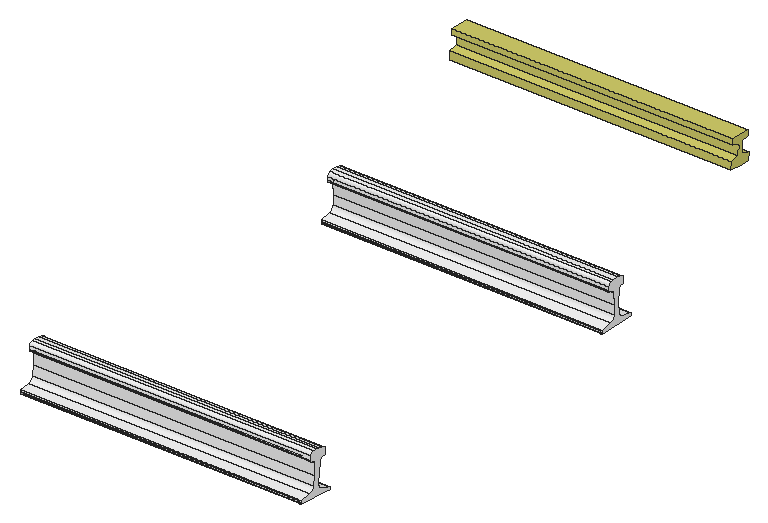
Revit family "L_Rails_ByLine", category Обобщенные модели, Revit 2021
Family settings
  Может служить основой для арматурных стержней = Нет
  Размер круглого соединителя = Использовать диаметр
  Тип детали = Нормальный
  При загрузке вырезать с полостями = Нет
  Общий = Нет
  Точка принадлежности помещению = Нет
Parameters
  Default Elevation = 0 mm
  built-in parameter 1001306 [instance] = 1200 mm
  Length [instance] = [built-in parameter 1001306]  # 1200 mm
Reference planes
  plane 1 "По центру (Вперед/Назад)": y = 0
  plane 2: z = 0
  plane 3 "Слева": x = 0
  plane 4 "Справа": x = 1200
Forms (mm)
  Sweep 1, solid, material "Металл - Сталь"
    path origin (0, -84.609, 0) x (1, 0, 0) y (0, 1, 0)
      loop
        line (0, 0) -> (1200, 0)
    profile origin (600, -84.609, 0) x (0, 1, 0) y (0, 0, 1)
      loop
        arc (-894.865, 208.118) -> (-891.425, 214.293) -> (-885.105, 217.461) r 12
        line (-885.105, 217.461) -> (-872.447, 219.577)
        arc (-872.447, 219.577) -> (-869.505, 221.221) -> (-868.274, 224.359) r 5
        line (-868.274, 224.359) -> (-867.8, 240.171)
        arc (-867.8, 240.171) -> (-870.643, 249.477) -> (-878.598, 255.081) r 15
        arc (-878.598, 255.081) -> (-885.723, 256.789) -> (-892.974, 257.837) r 80
        arc (-892.974, 257.837) -> (-902.934, 258.736) -> (-912.91, 259.435) r 500
        arc (-912.91, 259.435) -> (-920.236, 259.554) -> (-927.542, 259.002) r 80
        arc (-927.542, 259.002) -> (-936.288, 254.737) -> (-940.576, 246.001) r 15
        line (-940.576, 246.001) -> (-942.626, 230.316)
        arc (-942.626, 230.316) -> (-941.91, 227.022) -> (-939.267, 224.931) r 5
        line (-939.267, 224.931) -> (-927.107, 220.826)
        arc (-927.107, 220.826) -> (-921.372, 216.693) -> (-918.96, 210.048) r 12
        arc (-918.96, 210.048) -> (-918.554, 186.145) -> (-919.692, 162.266) r 370
        arc (-919.692, 162.266) -> (-921.666, 143.315) -> (-924.54, 124.479) r 400
        arc (-924.54, 124.479) -> (-931.564, 111.075) -> (-945.034, 104.179) r 25
        line (-945.034, 104.179) -> (-988.097, 96.979)
        arc (-988.097, 96.979) -> (-990.385, 95.739) -> (-991.425, 93.354) r 4
        line (-991.425, 93.354) -> (-991.91, 87.294)
        arc (-991.91, 87.294) -> (-991.44, 85.838) -> (-990.077, 85.141) r 2
        line (-990.077, 85.141) -> (-844.543, 73.481)
        arc (-844.543, 73.481) -> (-843.086, 73.952) -> (-842.39, 75.315) r 2
        line (-842.39, 75.315) -> (-841.904, 81.374)
        arc (-841.904, 81.374) -> (-842.551, 83.894) -> (-844.612, 85.483) r 4
        line (-844.612, 85.483) -> (-885.979, 99.448)
        arc (-885.979, 99.448) -> (-898.18, 108.4) -> (-902.98, 122.751) r 25
        arc (-902.98, 122.751) -> (-902.819, 141.805) -> (-901.75, 160.828) r 400
        arc (-901.75, 160.828) -> (-899.072, 184.584) -> (-894.865, 208.118) r 370
  Sweep 2, solid, material "Металл - Сталь"
    path origin (0, 1492.188, 89.105) x (1, 0, 0) y (0, 1, 0)
      loop
        line (0, 0) -> (1200, 0)
    profile origin (600, 1492.188, 89.105) x (0, 1, 0) y (0, 0, 1)
      loop
        arc (-880.73, 122.053) -> (-890.731, 121.97) -> (-900.727, 121.687) r 500
        arc (-900.727, 121.687) -> (-908.029, 121.087) -> (-915.245, 119.821) r 80
        arc (-915.245, 119.821) -> (-923.531, 114.718) -> (-926.942, 105.605) r 15
        line (-926.942, 105.605) -> (-927.442, 89.794)
        arc (-927.442, 89.794) -> (-926.407, 86.586) -> (-923.572, 84.764) r 5
        line (-923.572, 84.764) -> (-911.068, 81.872)
        arc (-911.068, 81.872) -> (-904.955, 78.321) -> (-901.902, 71.945) r 12
        arc (-901.902, 71.945) -> (-899.153, 48.197) -> (-897.944, 24.322) r 370
        arc (-897.944, 24.322) -> (-898.049, 5.268) -> (-899.061, -13.759) r 400
        arc (-899.061, -13.759) -> (-904.736, -27.787) -> (-917.465, -35.971) r 25
        line (-917.465, -35.971) -> (-959.614, -47.36)
        arc (-959.614, -47.36) -> (-961.769, -48.819) -> (-962.57, -51.295) r 4
        line (-962.57, -51.295) -> (-962.459, -57.373)
        arc (-962.459, -57.373) -> (-961.847, -58.776) -> (-960.423, -59.336) r 2
        line (-960.423, -59.336) -> (-814.447, -56.663)
        arc (-814.447, -56.663) -> (-813.044, -56.051) -> (-812.484, -54.627) r 2
        line (-812.484, -54.627) -> (-812.595, -48.549)
        arc (-812.595, -48.549) -> (-813.487, -46.104) -> (-815.693, -44.725) r 4
        line (-815.693, -44.725) -> (-858.231, -34.886)
        arc (-858.231, -34.886) -> (-871.251, -27.174) -> (-877.436, -13.363) r 25
        arc (-877.436, -13.363) -> (-879.144, 5.614) -> (-879.947, 24.651) r 400
        arc (-879.947, 24.651) -> (-879.612, 48.555) -> (-877.734, 72.388) r 370
        arc (-877.734, 72.388) -> (-874.917, 78.871) -> (-868.939, 82.644) r 12
        line (-868.939, 82.644) -> (-856.549, 85.992)
        arc (-856.549, 85.992) -> (-853.782, 87.916) -> (-852.865, 91.16) r 5
        line (-852.865, 91.16) -> (-853.944, 106.941)
        arc (-853.944, 106.941) -> (-857.686, 115.924) -> (-866.154, 120.72) r 15
        arc (-866.154, 120.72) -> (-873.411, 121.721) -> (-880.73, 122.053) r 80
  Sweep 3, solid, material "Steel_Yellow_ForContactRail"
    path origin (0, 2334.106, 314.974) x (1, 0, 0) y (0, 1, 0)
      loop
        line (0, 0) -> (1200, 0)
    profile origin (600, 2334.106, 314.974) x (0, 1, 0) y (0, 0, 1)
      loop
        line (-1109.983, 156.49) -> (-1110.678, 134.023) -> (-1080.491, 125.484) -> (-1081.9, 80.496) -> (-1117.22, 72.882) -> (-1118.231, 40.179)
        arc (-1118.231, 40.179) -> (-1095.834, 37.927) -> (-1073.359, 36.685) r 500
        arc (-1073.359, 36.685) -> (-1050.811, 36.457) -> (-1028.275, 37.246) r 500
        line (-1028.275, 37.246) -> (-1027.272, 69.954) -> (-1061.917, 79.828) -> (-1060.511, 124.868) -> (-1029.745, 131.376) -> (-1029.025, 153.865) -> (-1069.487, 155.187) -> (-1109.983, 156.49)
Lines and regions (mm)
  reference lines
    curve 1: line (0, 0, 0) -> (1200, 0, 0)
Dimensions and locks
  "built-in parameter 1001306": plane 3 "Слева" to plane 4 "Справа"
  "Length": Sweep 1 sketch curve to Sweep 1 sketch curve
  "Length": Sweep 2 sketch curve to Sweep 2 sketch curve
  "Length": Sweep 3 sketch curve to Sweep 3 sketch curve
  aligned and locked: plane 4 "Справа" to curve 1
  aligned and locked: plane 1 "По центру (Вперед/Назад)" to curve 1
  aligned and locked: plane 3 "Слева" to curve 1
  aligned and locked: level to plane 2
Automatic sketch dimensions
  Sweep 1 sketch curve to plane 3 "Слева" = 0 mm
  plane 1 "По центру (Вперед/Назад)" to Sweep 1 sketch curve = 84.609 mm
  Sweep 2 sketch curve to plane 3 "Слева" = 0 mm
  Sweep 2 sketch curve to plane 1 "По центру (Вперед/Назад)" = 1492.188 mm
  Sweep 3 sketch curve to plane 3 "Слева" = 0 mm
  Sweep 3 sketch curve to plane 1 "По центру (Вперед/Назад)" = 2334.106 mm
  profile plane to Sweep 2 sketch curve = 16.998 mm
  profile plane to Sweep 2 sketch curve = 1297.877 mm
  Sweep 2 sketch curve to Sweep 2 sketch curve = 29.995 mm  (x2)
  Sweep 2 sketch curve to profile plane = 51.295 mm
  Sweep 2 sketch curve to Sweep 2 sketch curve = 305.312 mm
  Sweep 2 sketch curve to profile plane = 57.373 mm
  Sweep 2 sketch curve to Sweep 2 sketch curve = 0.111 mm
  Sweep 2 sketch curve to Sweep 2 sketch curve = 2 mm  (x2)
  Sweep 2 sketch curve to profile plane = 59.336 mm
  Sweep 2 sketch curve to Sweep 2 sketch curve = 0.037 mm  (x2)
  Sweep 2 sketch curve to profile plane = 47.36 mm
  Sweep 2 sketch curve to Sweep 2 sketch curve = 2.956 mm
  Sweep 2 sketch curve to Sweep 2 sketch curve = 3.999 mm  (x2)
  profile plane to Sweep 2 sketch curve = 89.794 mm
  Sweep 2 sketch curve to Sweep 2 sketch curve = 32.172 mm
  profile plane to Sweep 2 sketch curve = 105.605 mm
  Sweep 2 sketch curve to Sweep 2 sketch curve = 0.501 mm
  Sweep 2 sketch curve to profile plane = 11.837 mm
  Sweep 2 sketch curve to Sweep 2 sketch curve = 35.627 mm
  profile plane to Sweep 2 sketch curve = 84.764 mm
  Sweep 2 sketch curve to Sweep 2 sketch curve = 3.871 mm
  Sweep 2 sketch curve to Sweep 2 sketch curve = 4.997 mm
  Sweep 2 sketch curve to profile plane = 35.971 mm
  Sweep 2 sketch curve to Sweep 2 sketch curve = 6.522 mm
  Sweep 2 sketch curve to Sweep 2 sketch curve = 9.8 mm
  Sweep 2 sketch curve to Sweep 2 sketch curve = 14.994 mm
  profile plane to Sweep 2 sketch curve = 81.872 mm
  Sweep 2 sketch curve to Sweep 2 sketch curve = 2.704 mm
  Sweep 2 sketch curve to Sweep 2 sketch curve = 15.942 mm
  Sweep 2 sketch curve to Sweep 2 sketch curve = 78.847 mm
  Sweep 2 sketch curve to Sweep 2 sketch curve = 17.132 mm
  profile plane to Sweep 2 sketch curve = 82.644 mm
  Sweep 2 sketch curve to Sweep 2 sketch curve = 42.129 mm
  Sweep 2 sketch curve to Sweep 2 sketch curve = 0.026 mm
  Sweep 2 sketch curve to Sweep 2 sketch curve = 3.13 mm
  Sweep 2 sketch curve to profile plane = 34.886 mm
  Sweep 2 sketch curve to Sweep 2 sketch curve = 40.83 mm
  Sweep 2 sketch curve to Sweep 2 sketch curve = 11.085 mm
  profile plane to Sweep 2 sketch curve = 85.992 mm
  Sweep 2 sketch curve to Sweep 2 sketch curve = 1.304 mm
  profile plane to Sweep 2 sketch curve = 106.941 mm
  Sweep 2 sketch curve to Sweep 2 sketch curve = 14.969 mm
  profile plane to Sweep 2 sketch curve = 91.16 mm
  Sweep 2 sketch curve to Sweep 2 sketch curve = 4.988 mm
  Sweep 2 sketch curve to profile plane = 10.529 mm
  Sweep 2 sketch curve to Sweep 2 sketch curve = 5.634 mm
  Sweep 2 sketch curve to Sweep 2 sketch curve = 41.636 mm
  Sweep 2 sketch curve to profile plane = 44.725 mm
  Sweep 2 sketch curve to Sweep 2 sketch curve = 0.901 mm
  Sweep 2 sketch curve to Sweep 2 sketch curve = 2.111 mm
  Sweep 2 sketch curve to profile plane = 56.663 mm
  Sweep 2 sketch curve to profile plane = 48.549 mm
  Sweep 2 sketch curve to profile plane = 54.627 mm
  profile plane to Sweep 2 sketch curve = 31.426 mm
  Sweep 2 sketch curve to Sweep 2 sketch curve = 302.586 mm
  Sweep 2 sketch curve to Sweep 2 sketch curve = 318.61 mm
  profile plane to Sweep 2 sketch curve = 17.547 mm
  Sweep 2 sketch curve to Sweep 2 sketch curve = 0.549 mm
  profile plane to Sweep 2 sketch curve = 41.74 mm
  Sweep 2 sketch curve to Sweep 2 sketch curve = 0.314 mm
  Sweep 2 sketch curve to Sweep 2 sketch curve = 11.691 mm
  Sweep 2 sketch curve to Sweep 2 sketch curve = 11.585 mm
  Sweep 2 sketch curve to Sweep 2 sketch curve = 0.416 mm
  Sweep 2 sketch curve to Sweep 2 sketch curve = 0.965 mm
  Sweep 2 sketch curve to Sweep 2 sketch curve = 3.298 mm
  Sweep 2 sketch curve to Sweep 2 sketch curve = 0 mm  (x3)
  Sweep 2 sketch curve to Sweep 2 sketch curve = 14.518 mm
  Sweep 2 sketch curve to Sweep 2 sketch curve = 11.817 mm
  Sweep 2 sketch curve to Sweep 2 sketch curve = 0.752 mm
  Sweep 3 sketch curve to Sweep 3 sketch curve = 0 mm  (x2)
  profile plane to Sweep 3 sketch curve = 40.179 mm
  profile plane to Sweep 3 sketch curve = 1118.231 mm
  profile plane to Sweep 3 sketch curve = 72.882 mm
  Sweep 3 sketch curve to Sweep 3 sketch curve = 1.011 mm
  profile plane to Sweep 3 sketch curve = 134.023 mm
  Sweep 3 sketch curve to Sweep 3 sketch curve = 6.542 mm
  profile plane to Sweep 3 sketch curve = 156.49 mm
  Sweep 3 sketch curve to Sweep 3 sketch curve = 0.696 mm
  profile plane to Sweep 3 sketch curve = 80.496 mm
  Sweep 3 sketch curve to Sweep 3 sketch curve = 35.321 mm
  profile plane to Sweep 3 sketch curve = 125.484 mm
  Sweep 3 sketch curve to Sweep 3 sketch curve = 30.187 mm
  profile plane to Sweep 3 sketch curve = 155.187 mm
  Sweep 3 sketch curve to Sweep 3 sketch curve = 11.005 mm
  profile plane to Sweep 3 sketch curve = 79.828 mm
  Sweep 3 sketch curve to Sweep 3 sketch curve = 19.983 mm
  profile plane to Sweep 3 sketch curve = 124.868 mm
  Sweep 3 sketch curve to Sweep 3 sketch curve = 19.98 mm
  Sweep 3 sketch curve to Sweep 3 sketch curve = 12.457 mm
  profile plane to Sweep 3 sketch curve = 131.376 mm
  Sweep 3 sketch curve to Sweep 3 sketch curve = 30.766 mm
  profile plane to Sweep 3 sketch curve = 153.865 mm
  Sweep 3 sketch curve to Sweep 3 sketch curve = 0.72 mm
  profile plane to Sweep 3 sketch curve = 37.246 mm
  Sweep 3 sketch curve to Sweep 3 sketch curve = 33.642 mm
  profile plane to Sweep 3 sketch curve = 69.954 mm
  Sweep 3 sketch curve to Sweep 3 sketch curve = 1.003 mm
  profile plane to Sweep 3 sketch curve = 36.685 mm
  level to Sweep 1 sketch curve = 194.212 mm
  profile plane to Sweep 1 sketch curve = 1318.415 mm
  Sweep 1 sketch curve to Sweep 1 sketch curve = 29.904 mm  (x2)
  level to Sweep 1 sketch curve = 87.294 mm
  Sweep 1 sketch curve to Sweep 1 sketch curve = 296.6 mm
  level to Sweep 1 sketch curve = 93.354 mm
  Sweep 1 sketch curve to Sweep 1 sketch curve = 0.485 mm
  level to Sweep 1 sketch curve = 85.141 mm
  Sweep 1 sketch curve to Sweep 1 sketch curve = 1.834 mm
  Sweep 1 sketch curve to Sweep 1 sketch curve = 0.16 mm  (x2)
  level to Sweep 1 sketch curve = 96.979 mm
  Sweep 1 sketch curve to Sweep 1 sketch curve = 3.328 mm
  Sweep 1 sketch curve to Sweep 1 sketch curve = 3.987 mm  (x2)
  Sweep 1 sketch curve to Sweep 1 sketch curve = 38.94 mm
  level to Sweep 1 sketch curve = 104.179 mm
  Sweep 1 sketch curve to Sweep 1 sketch curve = 4.122 mm
  Sweep 1 sketch curve to Sweep 1 sketch curve = 47.21 mm
  level to Sweep 1 sketch curve = 230.316 mm
  Sweep 1 sketch curve to Sweep 1 sketch curve = 6.531 mm
  Sweep 1 sketch curve to Sweep 1 sketch curve = 2.049 mm
  level to Sweep 1 sketch curve = 224.931 mm
  Sweep 1 sketch curve to Sweep 1 sketch curve = 3.359 mm
  Sweep 1 sketch curve to Sweep 1 sketch curve = 4.958 mm
  Sweep 1 sketch curve to Sweep 1 sketch curve = 8.322 mm
  level to Sweep 1 sketch curve = 220.826 mm
  Sweep 1 sketch curve to Sweep 1 sketch curve = 3.838 mm
  Sweep 1 sketch curve to Sweep 1 sketch curve = 14.881 mm
  Sweep 1 sketch curve to Sweep 1 sketch curve = 13.075 mm
  Sweep 1 sketch curve to Sweep 1 sketch curve = 17.08 mm
  level to Sweep 1 sketch curve = 99.448 mm
  Sweep 1 sketch curve to Sweep 1 sketch curve = 59.055 mm
  level to Sweep 1 sketch curve = 217.461 mm
  Sweep 1 sketch curve to Sweep 1 sketch curve = 42.002 mm
  Sweep 1 sketch curve to Sweep 1 sketch curve = 1.979 mm
  Sweep 1 sketch curve to Sweep 1 sketch curve = 2.314 mm
  Sweep 1 sketch curve to Sweep 1 sketch curve = 7.996 mm
  Sweep 1 sketch curve to Sweep 1 sketch curve = 11.834 mm
  level to Sweep 1 sketch curve = 219.577 mm
  Sweep 1 sketch curve to Sweep 1 sketch curve = 0.824 mm
  level to Sweep 1 sketch curve = 224.359 mm
  Sweep 1 sketch curve to Sweep 1 sketch curve = 4.998 mm
  level to Sweep 1 sketch curve = 240.171 mm
  Sweep 1 sketch curve to Sweep 1 sketch curve = 14.991 mm
  Sweep 1 sketch curve to Sweep 1 sketch curve = 40.088 mm
  level to Sweep 1 sketch curve = 85.483 mm
  Sweep 1 sketch curve to Sweep 1 sketch curve = 1.279 mm
  level to Sweep 1 sketch curve = 73.481 mm
  Sweep 1 sketch curve to Sweep 1 sketch curve = 1.348 mm
  level to Sweep 1 sketch curve = 75.315 mm
  Sweep 1 sketch curve to Sweep 1 sketch curve = 1.994 mm
  level to Sweep 1 sketch curve = 81.374 mm
  level to Sweep 1 sketch curve = 131.279 mm
  Sweep 1 sketch curve to Sweep 1 sketch curve = 308.973 mm
  Sweep 1 sketch curve to level = 239.667 mm
  Sweep 1 sketch curve to Sweep 1 sketch curve = 23.687 mm
  Sweep 1 sketch curve to Sweep 1 sketch curve = 24.658 mm
  Sweep 1 sketch curve to Sweep 1 sketch curve = 2.396 mm  (x2)
  Sweep 1 sketch curve to Sweep 1 sketch curve = 39.241 mm
  Sweep 1 sketch curve to Sweep 1 sketch curve = 1.368 mm
  Sweep 1 sketch curve to Sweep 1 sketch curve = 11.836 mm
  Sweep 1 sketch curve to Sweep 1 sketch curve = 11.37 mm
  Sweep 1 sketch curve to Sweep 1 sketch curve = 0.508 mm
  Sweep 1 sketch curve to Sweep 1 sketch curve = 14.447 mm
  Sweep 1 sketch curve to Sweep 1 sketch curve = 1.885 mm
  Sweep 1 sketch curve to Sweep 1 sketch curve = 1.846 mm
  Sweep 1 sketch curve to Sweep 1 sketch curve = 0 mm  (x4)
  Sweep 1 sketch curve to Sweep 1 sketch curve = 14.631 mm
  Sweep 1 sketch curve to Sweep 1 sketch curve = 10.183 mm
